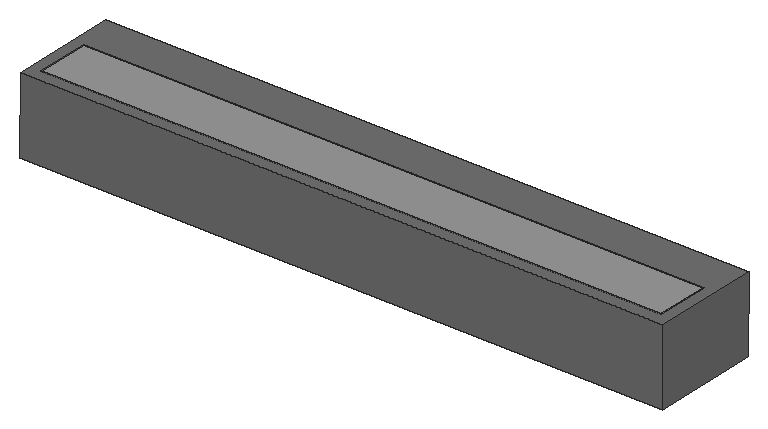
Revit family "MAIA outdoor 3-742-16", category Lighting Fixtures, Revit 2016
Family settings
  Part Type = Normal
  Round Connector Dimension = Use Diameter
  OmniClass Number = 23.80.70.00
  OmniClass Title = Lighting
  Work Plane-Based = No
  Always vertical = Yes
  Cut with Voids When Loaded = No
  Light Source = Yes
  Shared = No
  Room Calculation Point = No
Parameters
  matte white acrylic = Acrylic
  gray = Default
  Wattage = 16.1571 W
  built-in parameter 1150110 = 1 (stored number, unit not read)
  built-in parameter 1114217 = 1 (stored number, unit not read)
  Tilt Angle = 60.00°
  built-in parameter 1150109 = 1 (stored number, unit not read)
  built-in parameter 1150134 = (empty or 0)
  built-in parameter 1150113 = 1 (stored number, unit not read)
  Photometric Web File = "3-741 Maia ITL87396.ies"
  Lumens = 2400 lm
  built-in parameter 1150115 = 1 (stored number, unit not read)
  built-in parameter 1150105 = 190.99 (stored number, unit not read)
  built-in parameter 1150137 = (empty or 0)
  built-in parameter 1150139 = (empty or 0)
  built-in parameter 1150112 = 1 (stored number, unit not read)
  built-in parameter 1150114 = 1 (stored number, unit not read)
  built-in parameter 1150132 = 2
  built-in parameter 1150102 = (empty or 0)
  built-in parameter 1150138 = (empty or 0)
  built-in parameter 1150107 = 3000 (stored number, unit not read)
  built-in parameter 1150106 = 1.9099 (stored number, unit not read)
  built-in parameter 1150104 = 13.8 (stored number, unit not read)
  Dimming Lamp Color Temperature Shift = (empty or 0)
  Color Filter = 16777215
  built-in parameter 1114218 = 1 (stored number, unit not read)
  built-in parameter 1150133 = 10 (stored number, unit not read)
Reference planes (m)
  plane 1 "Light Source Axis (F/B)": y = 0
  plane 2: z = 0
  plane 3 "Light Source Axis (L/R)": x = 0
  plane 4 "Light Source Elevation": z = 1.347167
Forms (m)
  Extrusion 1, solid, material "Default" <- "gray"
    sketch origin (0, 0, 1.4) x (0, -1, 0) y (1, 0, 0)
      loop
        line (-0.10814, -0.127183) -> (-0.010129, -0.127183) -> (-0.010129, 0.46239) -> (-0.10814, 0.46239) -> (-0.10814, -0.127183)
    from 0 to 0.0699
  Extrusion 2, void
    sketch origin (0, 0, 1.4) x (0, -1, 0) y (1, 0, 0)
      loop
        line (-0.070024, -0.116868) -> (-0.021264, -0.116868) -> (-0.021264, 0.451664) -> (-0.070024, 0.451664) -> (-0.070024, -0.116868)
    from 0 to 0.0699
  Extrusion 3, solid, material "Acrylic" <- "matte white acrylic"
    sketch origin (0, 0, 1.4) x (0, -1, 0) y (1, 0, 0)
      loop
        line (-0.070024, -0.116868) -> (-0.021264, -0.116868) -> (-0.021264, 0.451664) -> (-0.070024, 0.451664) -> (-0.070024, -0.116868)
    from 0 to 0.003616
  Extrusion 4, solid, material "Acrylic" <- "matte white acrylic"
    sketch origin (0, 0, 1.466284) x (0, -1, 0) y (1, 0, 0)
      loop
        line (-0.070024, -0.116868) -> (-0.021264, -0.116868) -> (-0.021264, 0.451664) -> (-0.070024, 0.451664) -> (-0.070024, -0.116868)
    from 0 to 0.003616
Cuts and joins
  Extrusion 2 cuts Extrusion 1
Dimensions and locks (m)
  aligned and locked: plane 2 to level
